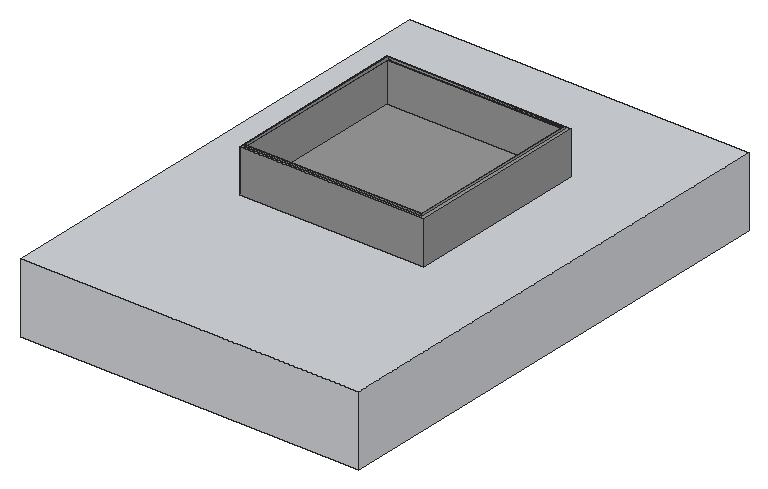
Revit family "Hager-Univers-IP30-D205-H800-Cl.II-Encl-CH-de", category Equipement électrique, Revit 2020
Family settings
  Hôte = Face
  Configuration du panneau = Deux colonnes, circuits au sein
  Cote de connecteur circulaire = Utiliser le diamètre
  Type d'élément = Tableau de raccordement
  Couper avec des vides une fois chargée = Non
  Partagée = Non
  Point de calcul de pièce = Non
Parameters (values of type "Aufputz IP30 B800 H800 T205  - FP53Q1S")
  Width Control [instance] = if([EF000008 - Breite] > Min Width, [EF000008 - Breite], Min Width)  # 800 mm
  Commentaires du type = [HG000003 - Bereich]  # "Univers"
  Thickness Door [instance] = if([EF009171 - Materialstärke Tür/Deckel] > 3 mm, 3 mm, [EF009171 - Materialstärke Tür/Deckel])  # 1 mm
  Seal Frame Offset [instance] = 17 mm  # constant formula
  Plinth Visibility [instance] = [HG000027 - Sockelhöhe] > 0 mm  # no
  Model = ""
  Min Width [instance] = 100 mm  # constant formula
  Min Height [instance] = 100 mm  # constant formula
  Min Depth [instance] = (2 * [EF009170 - Materialstärke Gehäuse]) + 1 mm  # 3 mm
  Internal Frame Depth [instance] = (Door System Depth * 0.5)  # 9 mm
  Height Control [instance] = if([EF000040 - Höhe] > Min Height, [EF000040 - Höhe], Min Height)  # 800 mm
  HG000027 - Sockelhöhe = 0 mm
  HG000026 - Stehend auf dem Boden = no
  HG000024 - Höhe des unteren Teils = 800 mm
  HG000023 - Gehäuse mit doppeltem Querschnitt = no
  HG000016 - 3D-Türsichtbarkeit [instance] = yes
  HG000015 - Sichtbarkeit der Türöffnung [instance] = no
  HG000014 - Tür rechts [instance] = yes
  HG000013 - Tür links [instance] = not([HG000014 - Tür rechts])  # no
  HG000012 - Türschwenkwinkel [instance] = 30.00°
  HG000010 - Asymmetrische Türen = no
  HG000009 - Doppelflügeligen Tür = no
  HG000006 - Unterputz = no
  HG000004 - Herstellerreferenz = "FP53Q1S"
  HG000003 - Bereich = "Univers"
  HG000002 - Mit tür = no
  Frame Offset Bottom [instance] = 10 mm  # constant formula
  Frame Offset [instance] = 15 mm  # constant formula
  EF015940 - Deckel mit Überdruckentlastung = no
  EF011959 - Schutzart (NEMA) = ""
  EF009554 - Anzahl der Öffnungen für Flanschplatten = 6
  Fabricant = "Hager"  # constant formula
  EF009212 - Ausführung Deckel = "EV009916 - mit Ausschnitt"
  EF009171 - Materialstärke Tür/Deckel = 1 mm
  EF009170 - Materialstärke Gehäuse = 1 mm
  EF008873 - Nennstrom (In) = 250 A
  EF007800 - Geeignet für Blitzschutz = no
  EF006306 - Mit Schloss = no
  EF006244 - Transparenter Deckel/Tür = no
  EF005474 - Schutzart (IP) = "EV006410 - IP30"
  EF004464 - Art der Tür = "EV000494 - ohne"
  EF004427 - Anzahl der Module = 180
  EF004293 - Schlagfestigkeit = "EV006813 - IK07"
  EF003532 - Geeignet für Außengebrauch = no
  EF002950 - Breite in Teilungseinheiten = 36
  EF001613 - Funktionserhalt = "EV000494 - ohne"
  EF001596 - Werkstoff des Gehäuses = "EV000179 - Stahl"
  EF001131 - Innentiefe = 130 mm
  EF001088 - Anbaumöglichkeit = yes
  EF000437 - Anzahl der Leitungseinführungen = 6
  EF000339 - Art der Abdeckung = "EV000494 - ohne"
  EF000266 - Anzahl der Reihen = 5
  EF000218 - Einbautiefe = 0 mm
  EF000118 - Mit Montageplatte = no
  EF000116 - RAL-Nummer = "9010"
  EF000049 - Tiefe = 205 mm
  EF000040 - Höhe = 800 mm
  EF000008 - Breite = 800 mm
  EF000007 - Farbe = "EV000202 - weiß"
  EF000003 - Montageart = "EV000384 - Aufputz"
  Door System Leaf Tolerance [instance] = 1.5 mm  # constant formula
  Door System Depth [instance] = 18 mm  # constant formula
  Door Height [instance] = Height Control - [HG000027 - Sockelhöhe]  # 800 mm
  Depth Control [instance] = if([EF000049 - Tiefe] > Min Depth, [EF000049 - Tiefe], Min Depth)  # 205 mm
  Default Elevation = 0 mm
  Connector Offset [instance] = Height Control / 2  # 400 mm
  Bottom Top Plate Trim [instance] = 1.5 mm  # constant formula
  Plinth height Ctrl [instance] = if([HG000027 - Sockelhöhe] > 0 mm, [HG000027 - Sockelhöhe], 12 mm)  # 12 mm
Types (5, lengths in mm): name | Width Control | HG000004 - Herstellerreferenz | EF009554 - Anzahl der Öffnungen für Flanschplatten | EF004427 - Anzahl der Module | EF002950 - Breite in Teilungseinheiten | EF000437 - Anzahl der Leitungseinführungen | EF000008 - Breite
  Aufputz IP30 B1050 H800 T205  - FP54Q1S | 1050 | "FP54Q1S" | 8 | 240 | 48 | 8 | 1050
  Aufputz IP30 B1300 H800 T205  - FP55Q1S | 1300 | "FP55Q1S" | 10 | 300 | 60 | 10 | 1300
  Aufputz IP30 B300 H800 T205  - FP51Q1S | 300 | "FP51Q1S" | 2 | 60 | 12 | 2 | 300
  Aufputz IP30 B550 H800 T205  - FP52Q1S | 550 | "FP52Q1S" | 4 | 120 | 24 | 4 | 550
  Aufputz IP30 B800 H800 T205  - FP53Q1S | 800 | "FP53Q1S" | 6 | 180 | 36 | 6 | 800
Reference planes
  plane 1 "Center (Front/Back)": y = 0
  plane 2: z = 0
  plane 3 "Center (Left/Right)": x = 0
  plane 4: z = 205
  plane 5: y = 1
  plane 6: y = 400
  plane 7: y = 0
  plane 8: y = 800
  plane 9: z = 0
  plane 10: x = -385
  plane 11: x = 385
  plane 12: x = 384
  plane 13: x = -384
  plane 14: y = 799
  plane 15: x = -383
  plane 16: x = -400
  plane 17: x = 383
  plane 18: x = 400
  plane 19: x = 399
  plane 20: x = -399
  plane 21: y = 11
  plane 22: y = 800
  plane 23: y = 784
  plane 24: z = 187
  plane 25: z = 1
  plane 26: z = 186
  plane 27: z = 204
Forms (mm)
  Extrusion 1, solid
    sketch origin (0, 0, 0) x (1, 0, 0) y (0, 1, 0)
      loop
        line (-702.964, 1305) -> (-702.964, -811.445) -> (766.763, -811.445) -> (766.763, 1305) -> (-702.964, 1305)
    from 0 to -304.8
  Extrusion 2, solid, material "Hager_Steel_RAL7035_Light_Grey", visible <- "Plinth Visibility", detail levels medium+fine
    sketch origin (0, 0, 0) x (1, 0, 0) y (0, 1, 0)
      loop
        line (-400, 0) -> (400, 0) -> (400, 12) -> (-400, 12) -> (-400, 0)
    from 0 to 187
  Extrusion 3, solid, material "Hager_Steel_RAL7035_Light_Grey", detail levels medium+fine
    sketch origin (0, 0, 0) x (1, 0, 0) y (0, 1, 0)
      loop
        line (-400, 0) -> (400, 0) -> (400, 800) -> (-400, 800) -> (-400, 0)
    from 0 to 187
  Extrusion 4, void
    sketch origin (0, 0, 0) x (1, 0, 0) y (0, 1, 0)
      loop
        line (-399, 1) -> (399, 1) -> (399, 799) -> (-399, 799) -> (-399, 1)
    from 1 to 186
  Extrusion 5, void
    sketch origin (-381.607, -4572, 187) x (0, -1, 0) y (-1, 0, 0)
      loop
        line (-4583, 2.393) -> (-5356, 2.393) -> (-5356, -765.607) -> (-4583, -765.607) -> (-4583, 2.393)
    from 0 to 1 <- "EF009170 - Materialstärke Gehäuse"
  Extrusion 6, solid, material "Hager_Steel_RAL7035_Light_Grey", detail levels fine
    sketch origin (0, 0, 187) x (1, 0, 0) y (0, 1, 0)
      loop
        line (-384, 784) -> (-384, 11) -> (384, 11) -> (384, 784) -> (-384, 784)
      loop
        line (-385, 10) -> (385, 10) -> (385, 785) -> (-385, 785) -> (-385, 10)
    from 0 to 9 <- "Internal Frame Depth"
  Extrusion 7, solid, material "Hager_Steel_RAL7035_Light_Grey", detail levels coarse
    sketch origin (0, 0, 0) x (1, 0, 0) y (0, 1, 0)
      loop
        line (-400, 0) -> (400, 0) -> (400, 800) -> (-400, 800) -> (-400, 0)
    from 0 to 205
  Sweep 8, void
    path in 3D
      loop
        line (-400, 12, 0) -> (400, 12, 0) -> (400, 12, 187) -> (-400, 12, 187) -> (-400, 12, 0)
    profile origin (-400, 12, 93.5) x (-1, 0, 0) y (0, -1, 0)
      loop
        line (0, 0) -> (0, 1.5) -> (-1.5, 1.5)
        arc (-1.5, 1.5) -> (-1.061, 0.439) -> (0, 0) r 1.5
Cuts and joins
  Extrusion 4, Extrusion 5 cuts Extrusion 3
  Sweep 8 cuts Extrusion 2
Lines and regions (mm)
  Masking region 1
    outline origin (0, 0, 0) x (1, 0, 0) y (0, 0, 1)
      loop
        line (-400, 205) -> (-400, 0) -> (400, 0) -> (400, 205) -> (-400, 205)
  Masking region 2, detail levels medium+fine
    outline origin (0, 140, 0) x (0, 1, 0) y (0, 0, 1)
      loop
        line (-140, 0) -> (660, 0) -> (660, 187) -> (-140, 187) -> (-140, 0)
  Masking region 3, not visible, detail levels medium+fine
    outline origin (0, 297.922, 0) x (0, 1, 0) y (0, 0, 1)
      loop
        line (113.578, 0) -> (153.578, 0) -> (153.578, 194)
        arc (153.578, 194) -> (150.649, 201.071) -> (143.578, 204) r 10
        line (143.578, 204) -> (113.578, 204) -> (113.578, 0)
  Masking region 4, detail levels coarse
    outline origin (0, 0, 180) x (0, 1, 0) y (0, 0, 1)
      loop
        line (0, -180) -> (800, -180) -> (800, 25) -> (0, 25) -> (0, -180)
  Masking region 5, visible <- "Plinth Visibility", detail levels medium+fine
    outline origin (0, 52.24, 12.345) x (0, 0, -1) y (0, 1, 0)
      loop
        line (10.845, -40.24) -> (-173.155, -40.24)
        arc (-173.155, -40.24) -> (-173.594, -41.301) -> (-174.655, -41.74) r 1.5
        line (-174.655, -41.74) -> (-174.655, -52.24) -> (12.345, -52.24) -> (12.345, -41.74)
        arc (12.345, -41.74) -> (11.285, -41.301) -> (10.845, -40.24) r 1.5
  Masking region 6, detail levels medium+fine
    outline origin (-381.607, -4572, 187) x (-1, 0, 0) y (0, -1, 0)
      loop
        line (18.393, -5372) -> (18.393, -4572) -> (-781.607, -4572) -> (-781.607, -5372) -> (18.393, -5372)
  Masking region 7, visible <- "Plinth Visibility", detail levels medium+fine
    outline origin (-381.607, -4727, 187) x (-1, 0, 0) y (0, -1, 0)
      loop
        arc (16.893, -4739) -> (17.332, -4737.939) -> (18.393, -4737.5) r 1.5
        line (18.393, -4737.5) -> (18.393, -4727) -> (-781.607, -4727) -> (-781.607, -4737.5)
        arc (-781.607, -4737.5) -> (-780.546, -4737.939) -> (-780.107, -4739) r 1.5
        line (-780.107, -4739) -> (16.893, -4739)
  Masking region 8, detail levels coarse
    outline origin (-442.548, -4669.526, 187) x (-1, 0, 0) y (0, -1, 0)
      loop
        line (-42.548, -5469.526) -> (-42.548, -4669.526) -> (-842.548, -4669.526) -> (-842.548, -5469.526) -> (-42.548, -5469.526)
  sketch lines
    curve 1: line (-400, 12, 187) -> (-400, 12, 0)
    curve 2: line (400, 12, 187) -> (-400, 12, 187)
    curve 3: line (400, 12, 187) -> (400, 12, 0)
    curve 4: line (-400, 12, 0) -> (400, 12, 0)
Dimensions and locks
  "Depth Control": plane 4 to Extrusion 1
  "HG000027 - Sockelhöhe": plane 1 "Center (Front/Back)" to plane 7
  "EF009170 - Materialstärke Gehäuse": plane 5 to plane 7
  locked: connector elem to plane 3 "Center (Left/Right)"
  equal spacing: plane 8, plane 6, plane 7
  locked: connector elem to plane 6
  "EF009170 - Materialstärke Gehäuse": plane 8 to plane 14
  "EF009170 - Materialstärke Gehäuse": plane 10 to plane 13
  "EF009170 - Materialstärke Gehäuse": plane 12 to plane 11
  "Frame Offset": plane 20 to plane 13
  "Frame Offset": plane 12 to plane 19
  "EF009170 - Materialstärke Gehäuse": plane 16 to plane 20
  "EF009170 - Materialstärke Gehäuse": plane 19 to plane 18
  "Seal Frame Offset": plane 16 to plane 15
  "Seal Frame Offset": plane 17 to plane 18
  "Frame Offset Bottom": plane 21 to plane 5
  "Frame Offset": plane 14 to plane 23
  equal spacing: plane 16, plane 3 "Center (Left/Right)", plane 18
  "Width Control": plane 16 to plane 18
  "EF009170 - Materialstärke Gehäuse": plane 4 to plane 27
  "EF009170 - Materialstärke Gehäuse": plane 24 to plane 26
  "EF009170 - Materialstärke Gehäuse": plane 25 to level
  "Door System Depth": plane 4 to plane 24
  "Height Control": plane 1 "Center (Front/Back)" to Extrusion 7 sketch curve
  "Height Control": Masking region 4 sketch curve to plane 1 "Center (Front/Back)"
  "Height Control": plane 1 "Center (Front/Back)" to plane 22
  "Bottom Top Plate Trim": profile plane to Sweep 8 sketch curve
  "Bottom Top Plate Trim": Sweep 8 sketch curve to profile plane
  "Plinth height Ctrl": plane 1 "Center (Front/Back)" to Extrusion 2 sketch curve
  "Plinth height Ctrl": Masking region 5 sketch curve to plane 1 "Center (Front/Back)"
  "Plinth height Ctrl": plane 1 "Center (Front/Back)" to Masking region 7 sketch curve
  "Thickness Door": Extrusion 6 sketch curve to Extrusion 6 sketch curve  (x3)
  "Thickness Door": cut or joined group of Extrusion 3, Extrusion 4, Extrusion 5 to Extrusion 6 sketch curve
  radius of Masking region 3 sketch curve = 10 mm
  "Bottom Top Plate Trim": radius of Masking region 5 sketch curve  (x2)
  "Bottom Top Plate Trim": radius of Sweep 8 sketch curve
  "Bottom Top Plate Trim": radius of Masking region 7 sketch curve  (x2)
  aligned and locked: plane 2 to Extrusion 1
  aligned and locked: level to Extrusion 1
  aligned and locked: level to Masking region 1 sketch curve
  aligned and locked: Masking region 1 sketch curve to plane 18
  aligned and locked: Masking region 1 sketch curve to plane 16
  aligned and locked: plane 7 to Masking region 2 sketch curve
  aligned and locked: level to Masking region 3 sketch curve
  aligned and locked: Masking region 3 sketch curve to plane 27
  aligned and locked: level to Masking region 2 sketch curve
  aligned and locked: plane 1 "Center (Front/Back)" to Extrusion 2 sketch curve
  aligned and locked: Extrusion 3 sketch curve to plane 7
  aligned and locked: plane 16 to Extrusion 3 sketch curve
  aligned and locked: plane 18 to Extrusion 3 sketch curve
  aligned and locked: plane 20 to Extrusion 4 sketch curve
  aligned and locked: plane 19 to Extrusion 4 sketch curve
  aligned and locked: Extrusion 4 sketch curve to plane 5
  aligned and locked: Extrusion 4 to plane 25
  aligned and locked: plane 26 to Extrusion 4
  aligned and locked: plane 24 to Extrusion 3
  aligned and locked: Extrusion 5 sketch curve to plane 21
  aligned and locked: Extrusion 5 sketch curve to plane 13
  aligned and locked: Extrusion 5 sketch curve to plane 12
  aligned and locked: plane 18 to Extrusion 7 sketch curve
  aligned and locked: plane 1 "Center (Front/Back)" to Extrusion 7 sketch curve
  aligned and locked: plane 16 to Extrusion 7 sketch curve
  aligned and locked: plane 4 to Extrusion 7
  aligned and locked: Extrusion 7 to level
  aligned and locked: level to Masking region 4 sketch curve
  aligned and locked: Masking region 4 sketch curve to plane 1 "Center (Front/Back)"
  aligned and locked: Masking region 4 sketch curve to plane 4
  aligned and locked: nested 1 to level
  aligned and locked: nested 1 to plane 16
  aligned and locked: plane 8 to Extrusion 3 sketch curve
  aligned and locked: plane 23 to Extrusion 5 sketch curve
  aligned and locked: plane 14 to Extrusion 4 sketch curve
  aligned and locked: Masking region 2 sketch curve to plane 8
  aligned and locked: level to Masking region 5 sketch curve
  aligned and locked: plane 16 to Extrusion 2 sketch curve
  aligned and locked: plane 18 to Extrusion 2 sketch curve
  aligned and locked: Masking region 5 sketch curve to plane 24
  aligned and locked: Masking region 2 sketch curve to plane 24
  aligned and locked: plane 24 to Extrusion 2
  aligned and locked: profile plane to Sweep 8 sketch curve  (x2)
  aligned and locked: Masking region 6 sketch curve to plane 18
  aligned and locked: Masking region 6 sketch curve to plane 22
  aligned and locked: Masking region 6 sketch curve to plane 16
  aligned and locked: plane 8 to plane 22
  aligned and locked: Masking region 6 sketch curve to plane 7
  aligned and locked: Masking region 7 sketch curve to plane 16
  aligned and locked: Masking region 7 sketch curve to plane 1 "Center (Front/Back)"
  aligned and locked: Masking region 7 sketch curve to plane 18
  aligned and locked: Masking region 8 sketch curve to plane 1 "Center (Front/Back)"
  aligned and locked: Masking region 8 sketch curve to plane 18
  aligned and locked: Masking region 8 sketch curve to plane 22
  aligned and locked: Masking region 8 sketch curve to plane 16
  aligned and locked: nested 2 to plane 7
  aligned and locked: plane 3 "Center (Left/Right)" to nested 2
  aligned and locked: nested 2 to plane 24
  aligned and locked: Extrusion 6 sketch curve to cut or joined group of Extrusion 3, Extrusion 4, Extrusion 5  (x4)
Automatic sketch dimensions
  Extrusion 1 sketch curve to Extrusion 1 sketch curve = 1469.727 mm
  Extrusion 1 sketch curve to Extrusion 1 sketch curve = 2116.445 mm
  Masking region 1 sketch curve to plane 4 = 0 mm
  plane 6 to Masking region 3 sketch curve = 11.5 mm
  Masking region 3 sketch curve to Masking region 3 sketch curve = 30 mm
  Masking region 5 sketch curve to plane 1 "Center (Front/Back)" = 0 mm
Nested families
  nested 1: "Hager_Enclosure_Symbol" at (-400, 0, 0) x (1, 0, 0) z (0, -1, 0), Height <- "Depth Control", Width <- "Width Control", type "Hager_Enclosure_Symbol"
    with Width_Ctrl 800 mm, Width 800 mm, Height_Ctrl 205 mm, Height 205 mm, A_Width_Int 13.453 mm, A_Width 161.438 mm, A_Height_Ctrl 179.375 mm, A_Height 179.375 mm
  nested 2: "EC000058_Univers_Door" at (0, 0, 187) x (1, 0, 0) z (0, 1, 0), Leaf_Tolerance <- "Door System Leaf Tolerance", Angle <- "HG000012 - Türschwenkwinkel", Door_Depth <- "Door System Depth", Door_Left <- "HG000013 - Tür links", Transparent <- "EF006244 - Transparenter Deckel/Tür", Assymetrical <- "HG000010 - Asymmetrische Türen", Width <- "Width Control", Clearance <- "HG000015 - Sichtbarkeit der Türöffnung", Double <- "HG000009 - Doppelflügeligen Tür", 3d_Door <- "HG000016 - 3D-Türsichtbarkeit", Lock_Visibility <- "EF006306 - Mit Schloss", Width_Ctrl <- "Width Control", Door_Right <- "HG000014 - Tür rechts", Door <- "HG000002 - Mit tür", Height <- "Door Height", Thickness <- "Thickness Door", type "EC000058_Univers_Door", detail levels medium+fine
    with min_wh 3 mm, Width_Ctrl 800 mm, Width 800 mm, Transparent no, Thickness 1 mm, Seal_Material Hager_Rubber, Lock_Visibility no, Lock_Material Hager_Plastic_RAL9005_Jet_Black, Leaf_Width 800 mm, Leaf_Tolerance_External_Sides 0 mm, Leaf_Tolerance 1.5 mm, Leaf_Offset 0 mm, Leaf_Height 797 mm, Leaf_2_Width 800 mm, Leaf_2_Offset 400 mm, Leaf_1_Width 800 mm, Leaf_1_Offset 400 mm, Height_Ctrl 800 mm, Height 800 mm, Glass_Material Hager_Glass, Double_Clearance_Ctrl no, Double no, Door_Right_Ctrl no, Door_Right yes, Door_Material Hager_Steel_RAL7035_Light_Grey, Door_Left_Ctrl no, Door_Left no, Door_Depth 18 mm, Door no, Clearance_Material Hager_Clearance, Clearance_Depth 800 mm, Clearance_Ctrl no, Clearance no, Assymetrical no, Angle 30.00°, 3d_Door yes
Connectors
  electrical at (0, 400, 0)
    settings: on plane 9, index 1, voltage 0 V, apparent load 0 VA, apparent load phase1 0 VA, apparent load phase2 0 VA, apparent load phase3 0 VA, power factor 1, load classification "Other", number of poles 1, system type 30, power factor state 1, is connector primary yes, connector utility no, sub classification motor no, connector description ""
Definition of nested family "Hager_Enclosure_Symbol"
  Parameters (values of type "Hager_Enclosure_Symbol")
    Width_Ctrl [instance] = if(Width > 1 mm, Width, 1 mm)  # 102.27 mm
    Width [instance] = 102.27 mm
    Height_Ctrl [instance] = if(Height > 1 mm, Height, 1 mm)  # 66.5 mm
    A_Width_Int [instance] = if(A_Width / 12 > 2 mm, A_Width / 12, 2 mm)  # 4.364 mm
    A_Width [instance] = if(A_Height_Ctrl * 0.9 > 2 mm, A_Height_Ctrl * 0.9, 2 mm)  # 52.369 mm
    A_Height_Ctrl [instance] = if(A_Height > 2 mm, A_Height, 2 mm)  # 58.188 mm
    Height [instance] = 66.5 mm
    A_Height [instance] = Height - (Height / 8)  # 58.188 mm
  Reference planes
    plane 1 "Centre (avant/arrière)": y = 0
    plane 2: z = 0
    plane 3 "Centre (gauche/droite)": x = 0
    plane 4: x = 52.369
    plane 5: y = 33.042
    plane 6: y = 41.77
    plane 7: y = 66.5
    plane 8: x = 26.184
    plane 9: y = 37.406
    plane 10: x = 102.27
    plane 11: y = 66.5
    plane 12: y = 8.313
  Lines and regions (mm)
    Filled region 1, type "Solid_Black", in view "Niveau de réf."
      outline origin (0, 0, 0) x (1, 0, 0) y (0, 1, 0)
        loop
          line (52.369, 66.5) -> (33.188, 54.536) -> (45.365, 45.006) -> (52.369, 66.5)
    Filled region 2, type "Solid_Black", in view "Niveau de réf."
      outline origin (0, 0, 0) x (1, 0, 0) y (0, 1, 0)
        loop
          line (0, 0) -> (102.27, 0) -> (102.27, 66.5) -> (0, 0)
    detail lines, in view "Niveau de réf."
      curve 1: line (0, 8.313, 0) -> (26.184, 41.77, 0)
      curve 2: line (26.184, 41.77, 0) -> (26.184, 33.042, 0)
      curve 3: line (26.184, 33.042, 0) -> (52.369, 66.5, 0)
  Dimensions and locks
    "A_Width": plane 3 "Centre (gauche/droite)" to plane 4
    equal spacing: plane 3 "Centre (gauche/droite)", plane 8, plane 4
    equal spacing: plane 6, plane 9, plane 5
    equal spacing: curve 3, Filled region 1 sketch curve, Filled region 1 sketch curve
    "Height_Ctrl": plane 1 "Centre (avant/arrière)" to plane 11
    "A_Height_Ctrl": plane 11 to plane 12
    equal spacing: plane 11, plane 9, plane 12
    "A_Width_Int": plane 6 to plane 9
    "Width_Ctrl": plane 3 "Centre (gauche/droite)" to plane 10
    angle Filled region 1 sketch curve to curve 3 = 20.00°
    angle curve 3 to Filled region 1 sketch curve = 20.00°
    locked: curve 3 to Filled region 1 sketch curve (angle 90.00°)
    aligned and locked: plane 10 to Filled region 2
    aligned and locked: plane 11 to Filled region 2 sketch curve
    aligned and locked: plane 10 to Filled region 2 sketch curve
    aligned and locked: plane 3 "Centre (gauche/droite)" to curve 1
    aligned and locked: plane 12 to curve 1
    aligned and locked: plane 7 to plane 11
  Automatic sketch dimensions
    Filled region 1 sketch curve to plane 4 = 0 mm
    Filled region 1 sketch curve to plane 7 = 0 mm
    plane 1 "Centre (avant/arrière)" to Filled region 2 sketch curve = 0 mm
    Filled region 2 sketch curve to plane 3 "Centre (gauche/droite)" = 0 mm
    curve 2 to plane 6 = 0 mm
    curve 2 to plane 8 = 0 mm
    curve 3 to plane 4 = 0 mm
    curve 2 to plane 5 = 0 mm
    curve 3 to plane 7 = 0 mm
Definition of nested family "EC000058_Univers_Door"
  Parameters (values of type "EC000058_Univers_Door")
    min_wh [instance] = (2 * Thickness) + 1 mm  # 11 mm
    Width_Ctrl [instance] = 400 mm
    Width [instance] = 500 mm
    Transparent [instance] = yes
    Thickness [instance] = 5 mm
    Seal_Material [instance] = none
    Lock_Visibility [instance] = yes
    Lock_Material [instance] = none
    Leaf_Width [instance] = if((Width_Ctrl - 2 * Leaf_Tolerance_External_Sides) > 0 mm, (Width_Ctrl - 2 * Leaf_Tolerance_External_Sides), min_wh)  # 400 mm
    Leaf_Tolerance_External_Sides [instance] = 0 mm  # constant formula
    Leaf_Tolerance [instance] = 1.5 mm
    Leaf_Offset [instance] = 0 mm  # constant formula
    Leaf_Height [instance] = if((Height_Ctrl - 2 * Leaf_Tolerance) > 0 mm, (Height_Ctrl - 2 * Leaf_Tolerance), min_wh)  # 497 mm
    Leaf_2_Width [instance] = if(and(and(Double, Assymetrical), Door_Left), (Leaf_Width / 3) - (Leaf_Tolerance / 2), if(and(and(Double, Assymetrical), Door_Right), (Leaf_Width / 3) * 2 - (Leaf_Tolerance / 2), if(and(Double, not(Assymetrical)), (Leaf_Width / 2) - Leaf_Tolerance, Leaf_Width)))  # 400 mm
    Leaf_2_Offset [instance] = if(and(Double, Assymetrical), Leaf_2_Width / 2, if(and(Double, not(Assymetrical)), Leaf_Width / 4, Leaf_Width / 2))  # 200 mm
    Leaf_1_Width [instance] = if(and(and(Double, Assymetrical), Door_Right), (Leaf_Width / 3) - (Leaf_Tolerance / 2), if(and(and(Double, Assymetrical), Door_Left), (Width / 3) * 2 - (Leaf_Tolerance / 2), if(and(Double, not(Assymetrical)), (Leaf_Width / 2) - Leaf_Tolerance, Leaf_Width)))  # 400 mm
    Leaf_1_Offset [instance] = if(and(Double, Assymetrical), Leaf_1_Width / 2, if(and(Double, not(Assymetrical)), Leaf_Width / 4, Leaf_Width / 2))  # 200 mm
    Height_Ctrl [instance] = if(Height > min_wh, Height, min_wh)  # 500 mm
    Height [instance] = 500 mm
    Glass_Material [instance] = none
    Double_Clearance_Ctrl [instance] = and(Double, Clearance)  # no
    Double [instance] = no
    Door_Right_Ctrl [instance] = and(or(Door_Right, Double), Door)  # yes
    Door_Right [instance] = yes
    Door_Material [instance] = none
    Door_Left_Ctrl [instance] = and(or(Door_Left, Double), Door)  # no
    Door_Left [instance] = no
    Door_Depth [instance] = 30 mm
    Door [instance] = yes
    Default Elevation = 1219.2 mm
    Clearance_Material [instance] = none
    Clearance_Depth [instance] = if(Leaf_1_Width > Leaf_2_Width, Leaf_1_Width, Leaf_2_Width)  # 400 mm
    Clearance_Ctrl [instance] = and(not(Double), Clearance)  # yes
    Clearance [instance] = yes
    Assymetrical [instance] = yes
    Angle [instance] = 30.00°
    3d_Door [instance] = yes
  Reference planes
    plane 1 "Center (Front/Back)": y = 0
    plane 2 "Bottom": z = 0
    plane 3 "Center (Left/Right)": x = 0
    plane 4: z = 500
    plane 5: x = -200
    plane 6: x = 200
    plane 7: z = 500
    plane 8: x = -200
    plane 9: z = 0
    plane 10: x = 200
    plane 11: y = 0
    plane 12: z = 1.5
    plane 13: x = -600
    plane 14: y = -400
    plane 15: x = 600
    plane 16: x = 0
    plane 17: x = 0
    plane 18: x = -200
    plane 19: x = 200
    plane 20: z = 498.5
  Forms (mm)
    Extrusion 1, solid, material <- "Clearance_Material", visible <- "Double_Clearance_Ctrl"
      sketch origin (1200, 0, 0) x (1, 0, 0) y (0, 0, -1)
        loop
          line (-1800, -498.5) -> (-600, -498.5) -> (-600, 0) -> (-1800, 0) -> (-1800, -498.5)
      from 0 to -400
  Dimensions and locks
    equal spacing: plane 5, plane 3 "Center (Left/Right)", plane 6
    "Width_Ctrl": plane 5 to plane 6
    "Leaf_Offset": plane 5 to plane 8
    "Leaf_Offset": plane 6 to plane 10
    "Leaf_Offset": plane 9 to level
    "Leaf_Offset": plane 4 to plane 7
    "Height_Ctrl": plane 4 to level
    "Leaf_Tolerance": plane 12 to plane 9
    locked: plane 11 to plane 1 "Center (Front/Back)"
    "Leaf_1_Offset": plane 18 to plane 16
    "Leaf_2_Offset": plane 17 to plane 19
    "Leaf_1_Width": plane 13 to plane 8
    "Leaf_2_Width": plane 10 to plane 15
    "Clearance_Depth": plane 14 to plane 1 "Center (Front/Back)"
    "Leaf_Tolerance_External_Sides": plane 8 to plane 18
    "Leaf_Tolerance_External_Sides": plane 19 to plane 10
    "Leaf_Tolerance": plane 7 to plane 20
    aligned and locked: level to plane 2 "Bottom"
    aligned and locked: nested 1 to plane 16
    aligned and locked: nested 2 to plane 17
    aligned and locked: Extrusion 1 to plane 13
    aligned and locked: plane 15 to Extrusion 1
    aligned and locked: Extrusion 1 to plane 14
    aligned and locked: plane 12 to nested 1
    aligned and locked: nested 2 to plane 12
    aligned and locked: Extrusion 1 to plane 11
    aligned and locked: plane 20 to Extrusion 1
    aligned and locked: nested 2 to plane 11
    aligned and locked: nested 1 to plane 11
  Automatic sketch dimensions
    Extrusion 1 sketch curve to level = 0 mm
    plane 5 to Extrusion 1 sketch curve = 400 mm
    plane 6 to Extrusion 1 sketch curve = 400 mm
    Extrusion 1 sketch curve to plane 4 = 1.5 mm
  Nested families
    nested 1: "EC000058_Univers_Door_Leaf" at (0, 0, 1.5), Width <- "Leaf_1_Width", visible <- "Door_Left_Ctrl", Leaf_Height <- "Leaf_Height", Angle <- "Angle", 3d_Door <- "3d_Door", Transparent <- "Transparent", Clearance Material <- "Clearance_Material", Clearance <- "Clearance_Ctrl", Door_Material <- "Door_Material", Glass_Material <- "Glass_Material", Door_Depth <- "Door_Depth", Lock_Material <- "Lock_Material", Seal_Material <- "Seal_Material", Lock_Visibility <- "Lock_Visibility", Thickness <- "Thickness", type "EC000058_Univers_Door_Leaf"
      with Width 400 mm, Transparent_Glass_Offset 30 mm, Transparent_Ctrl yes, Transparent yes, Thickness 5 mm, Standard no, Seal_Material none, Seal_D2 8 mm, Seal_D1 1 mm, Offset_Internal_Frame 10 mm, Lock_Width 20 mm, Lock_Visibility_3d yes, Lock_Visibility yes, Lock_Thickness_3 3 mm, Lock_Thickness_2 1 mm, Lock_Thickness_1 3 mm, Lock_Radius_Offset_2 16 mm, Lock_Radius_Offset_1 15 mm, Lock_Radius_2 5 mm, Lock_Radius 6 mm, Lock_Offset 5 mm, Lock_Material none, Lock_Height 80 mm, Lock_Cover_Top_Offset_2d 17 mm, Lock_Cover_Height -65 mm, Leaf_Height 497 mm, Internal_Seal_Thickness 8 mm, Internal_Seal_Depth_2 4.5 mm, Internal_Frame_Depth 25 mm, Glass_Thickness -1 mm, Glass_Offset -2 mm, Glass_Material none, Door_Material none, Door_Depth 30 mm, Clearance Material none, Clearance yes, Angle_Ctrl 30.00°, Angle 30.00°, 3d_Door yes
    nested 2: "EC000058_Univers_Door_Leaf" at (0, 0, 1.5) x (-1, 0, 0) z (0, 0, 1), Width <- "Leaf_2_Width", visible <- "Door_Right_Ctrl", Leaf_Height <- "Leaf_Height", Angle <- "Angle", 3d_Door <- "3d_Door", Transparent <- "Transparent", Clearance Material <- "Clearance_Material", Clearance <- "Clearance_Ctrl", Door_Material <- "Door_Material", Glass_Material <- "Glass_Material", Door_Depth <- "Door_Depth", Lock_Material <- "Lock_Material", Seal_Material <- "Seal_Material", Lock_Visibility <- "Lock_Visibility", Thickness <- "Thickness", type "EC000058_Univers_Door_Leaf"
      with Width 400 mm, Transparent_Glass_Offset 30 mm, Transparent_Ctrl yes, Transparent yes, Thickness 5 mm, Standard no, Seal_Material none, Seal_D2 8 mm, Seal_D1 1 mm, Offset_Internal_Frame 10 mm, Lock_Width 20 mm, Lock_Visibility_3d yes, Lock_Visibility yes, Lock_Thickness_3 3 mm, Lock_Thickness_2 1 mm, Lock_Thickness_1 3 mm, Lock_Radius_Offset_2 16 mm, Lock_Radius_Offset_1 15 mm, Lock_Radius_2 5 mm, Lock_Radius 6 mm, Lock_Offset 5 mm, Lock_Material none, Lock_Height 80 mm, Lock_Cover_Top_Offset_2d 17 mm, Lock_Cover_Height -65 mm, Leaf_Height 497 mm, Internal_Seal_Thickness 8 mm, Internal_Seal_Depth_2 4.5 mm, Internal_Frame_Depth 25 mm, Glass_Thickness -1 mm, Glass_Offset -2 mm, Glass_Material none, Door_Material none, Door_Depth 30 mm, Clearance Material none, Clearance yes, Angle_Ctrl 30.00°, Angle 30.00°, 3d_Door yes
  Definition of nested family "EC000058_Univers_Door_Leaf"
    Parameters (values of type "EC000058_Univers_Door_Leaf")
      Width [instance] = 2000 mm
      Transparent_Glass_Offset [instance] = 30 mm
      Transparent_Ctrl [instance] = and(Transparent, [3d_Door])  # yes
      Transparent [instance] = yes
      Thickness [instance] = 5 mm
      Standard [instance] = and(not(Transparent), [3d_Door])  # no
      Seal_Material [instance] = none
      Seal_D2 [instance] = 8 mm  # constant formula
      Seal_D1 [instance] = 1 mm  # constant formula
      Offset_Internal_Frame [instance] = 10 mm  # constant formula
      Lock_Width [instance] = 20 mm  # constant formula
      Lock_Visibility_3d [instance] = and(Lock_Visibility, [3d_Door])  # yes
      Lock_Visibility [instance] = yes
      Lock_Thickness_3 [instance] = 3 mm  # constant formula
      Lock_Thickness_2 [instance] = 1 mm  # constant formula
      Lock_Thickness_1 [instance] = 3 mm  # constant formula
      Lock_Radius_Offset_2 [instance] = Lock_Radius_Offset_1 + 1 mm  # 16 mm
      Lock_Radius_Offset_1 [instance] = 15 mm  # constant formula
      Lock_Radius_2 [instance] = Lock_Radius - 1 mm  # 5 mm
      Lock_Radius [instance] = 6 mm  # constant formula
      Lock_Offset [instance] = 5 mm  # constant formula
      Lock_Material [instance] = none
      Lock_Height [instance] = 80 mm  # constant formula
      Lock_Cover_Top_Offset_2d [instance] = Lock_Radius_Offset_2 + 1 mm  # 17 mm
      Lock_Cover_Height [instance] = -(Lock_Height - Lock_Radius_Offset_1)  # -65 mm
      Leaf_Height [instance] = 2720.336 mm
      Internal_Seal_Thickness [instance] = 8 mm  # constant formula
      Internal_Seal_Depth_2 [instance] = 4.5 mm  # constant formula
      Internal_Frame_Depth [instance] = if(Door_Depth - Thickness > 5 mm, Door_Depth - Thickness, 5 mm)  # 25 mm
      Glass_Thickness [instance] = if(Thickness > 15 mm, Glass_Offset + 10 mm, -1 mm)  # -1 mm
      Glass_Offset [instance] = if(Thickness > 15 mm, -(Thickness + 10 mm) / 2, -2 mm)  # -2 mm
      Glass_Material [instance] = none
      Door_Material [instance] = none
      Door_Depth [instance] = 30 mm
      Default Elevation = 0 mm
      Clearance Material [instance] = none
      Clearance [instance] = yes
      Angle_Ctrl [instance] = if(Angle > 180.00°, 180.00°, Angle)  # 90.00°
      Angle [instance] = 90.00°
      3d_Door [instance] = yes
    Reference planes
      plane 1 "Center (Front/Back)": y = 0
      plane 2: z = 0
      plane 3 "Center (Left/Right)": x = 0
      plane 4: y = 2000
      plane 5: x = -1000
      plane 6: x = 1000
      plane 7: x = -3000
      plane 8: z = 2720.336
      plane 9: z = 30
      plane 10: z = 2690.336
      plane 11: x = 970
      plane 12: x = -970
      plane 13: y = -3
      plane 14: z = 107.833
      plane 15: y = -5
      plane 16: y = -223.314
      plane 17: x = -1000
      plane 18: z = 1360.168
      plane 19: y = 30
    Forms (mm)
      Extrusion 1, solid, material <- "Clearance Material", visible <- "Clearance"
        sketch origin (0, 0, 0) x (1, 0, 0) y (0, 0, 1)
          loop
            line (-3000, 2720.336) -> (-3000, 0) -> (1000, 0) -> (1000, 2720.336) -> (-3000, 2720.336)
        from 0 to -2000
      Extrusion 2, solid, material <- "Door_Material", visible <- "Standard", detail levels medium+fine
        sketch origin (-1000, 0, 0) x (0, 1, 0) y (-1, 0, 0)
          loop
            line (0, 30) -> (0, 25) -> (2000, 25) -> (2000, 30) -> (0, 30)
        from 0 to 2720.336 <- "Leaf_Height"
      Extrusion 3, solid, material <- "Door_Material", visible <- "Transparent_Ctrl", detail levels medium+fine
        sketch origin (-1000, 0, 0) x (0, 1, 0) y (-1, 0, 0)
          loop
            line (0, 25) -> (2000, 25) -> (2000, 30) -> (0, 30) -> (0, 25)
        from 0 to 2720.336 <- "Leaf_Height"
      Extrusion 4, void
        sketch origin (-1025, 2000, 0) x (0, 1, 0) y (0, 0, -1)
          loop
            line (-30, -2690.336) -> (-30, -30) -> (-1970, -30) -> (-1970, -2690.336) -> (-30, -2690.336)
        from 0 to 5 <- "Thickness"
      Sweep 5, solid, material <- "Seal_Material", visible <- "Transparent_Ctrl", detail levels fine
        path in 3D
          loop
            line (-1025, 30, 30) -> (-1025, 30, 2690.336) -> (-1025, 1970, 2690.336) -> (-1025, 1970, 30) -> (-1025, 30, 30)
        profile origin (-1025, 1000, 30) x (1, 0, 0) y (0, 0, 1)
          loop
            line (0, 0) -> (0, -8) -> (1, -8) -> (1, 0) -> (0, 0)
      Extrusion 6, solid, material <- "Glass_Material", visible <- "Transparent_Ctrl", detail levels medium+fine
        sketch origin (-1030, 0, 0) x (0, 1, 0) y (0, 0, -1)
          loop
            line (1970, -2690.336) -> (1970, -30) -> (30, -30) -> (30, -2690.336) -> (1970, -2690.336)
        from -2 <- "Glass_Offset" to -1 <- "Glass_Thickness"
      Extrusion 7, solid, material <- "Door_Material", visible <- "3d_Door", detail levels medium+fine
        sketch origin (-1025, 2000, 0) x (0, -1, 0) y (0, 0, -1)
          loop
            line (0, -2720.336) -> (2000, -2720.336) -> (2000, 0) -> (0, 0) -> (0, -2720.336)
          loop
            line (1995, -5) -> (5, -5) -> (5, -2715.336) -> (1995, -2715.336) -> (1995, -5)
        from 0 to 25 <- "Internal_Frame_Depth"
      Sweep 8, solid, material <- "Seal_Material", visible <- "Transparent_Ctrl", detail levels fine
        path in 3D
          loop
            line (-1025, 0, 0) -> (-1025, 2000, 0) -> (-1025, 2000, 2720.336) -> (-1025, 0, 2720.336) -> (-1025, 0, 0)
        profile origin (-1025, 0, 1360.168) x (1, 0, 0) y (0, 1, 0)
          loop
            line (0, 10) -> (2.975, 10)
            arc (2.975, 10) -> (4.053, 10.447) -> (4.5, 11.525) r 1.525
            line (4.5, 11.525) -> (4.5, 16.527)
            arc (4.5, 16.527) -> (4.069, 17.569) -> (3.027, 18) r 1.473
            line (3.027, 18) -> (0, 18) -> (0, 10)
      Extrusion 9, solid, material <- "Lock_Material", visible <- "Lock_Visibility_3d", detail levels fine
        sketch origin (-1030, 0, 0) x (0, 1, 0) y (0, 0, -1)
          loop
            arc (1993.5, -1400.168) -> (1994.561, -1399.729) -> (1995, -1398.668) r 1.5
            line (1995, -1398.668) -> (1995, -1320.168) -> (1975, -1320.168) -> (1975, -1398.668)
            arc (1975, -1398.668) -> (1975.439, -1399.729) -> (1976.5, -1400.168) r 1.5
            line (1976.5, -1400.168) -> (1993.5, -1400.168)
        from 3 <- "Lock_Thickness_1" to 0
      Blend 10, solid, material <- "Lock_Material", visible <- "Lock_Visibility_3d", detail levels fine
        base sketch origin (-1033, 0, 0) x (0, 1, 0) y (0, 0, -1)
          loop
            line (1975, -1320.168) -> (1975, -1398.668)
            arc (1975, -1398.668) -> (1975.439, -1399.729) -> (1976.5, -1400.168) r 1.5
            line (1976.5, -1400.168) -> (1993.5, -1400.168)
            arc (1993.5, -1400.168) -> (1994.561, -1399.729) -> (1995, -1398.668) r 1.5
            line (1995, -1398.668) -> (1995, -1320.168) -> (1975, -1320.168)
        top sketch origin (-1033, 0, 0) x (0, 1, 0) y (0, 0, -1)
          loop
            line (1976, -1320.168) -> (1976, -1398.668)
            arc (1976, -1398.668) -> (1976.146, -1399.022) -> (1976.5, -1399.168) r 0.5
            line (1976.5, -1399.168) -> (1993.5, -1399.168)
            arc (1993.5, -1399.168) -> (1993.854, -1399.022) -> (1994, -1398.668) r 0.5
            line (1994, -1398.668) -> (1994, -1320.168) -> (1976, -1320.168)
        from 0 to 1 <- "Lock_Thickness_2"
      Blend 11, solid, material <- "Lock_Material", visible <- "Lock_Visibility_3d", detail levels fine
        base sketch origin (-1034, 0, 0) x (0, 1, 0) y (0, 0, -1)
          loop
            line (1978, -1320.168) -> (1978, -1384.168)
            arc (1978, -1384.168) -> (1985, -1391.168) -> (1992, -1384.168) r 7
            line (1992, -1384.168) -> (1992, -1320.168) -> (1978, -1320.168)
        top sketch origin (-1034, 0, 0) x (0, 1, 0) y (0, 0, -1)
          loop
            line (1991, -1320.168) -> (1979, -1320.168) -> (1979, -1383.168)
            arc (1979, -1383.168) -> (1985, -1389.168) -> (1991, -1383.168) r 6
            line (1991, -1383.168) -> (1991, -1320.168)
        from 0 to 3 <- "Lock_Thickness_3"
      Extrusion 12, solid, material <- "Lock_Material", visible <- "Lock_Visibility_3d", detail levels fine
        sketch origin (-1030, 1975, 1320.168) x (1, 0, 0) y (0, -1, 0)
          loop
            line (-7, -19) -> (-7, -1) -> (0, -1) -> (0, 0) -> (-8, 0) -> (-8, -20) -> (0, -20) -> (0, -19) -> (-7, -19)
        from 0 to -65 <- "Lock_Cover_Height"
      Extrusion 13, void
        sketch origin (-1038, 1995, 1320.168) x (-1, 0, 0) y (0, 0, -1)
          loop
            line (-5, -65) -> (0, -65) -> (-5, -60) -> (-5, -65)
        from 0 to 20 <- "Lock_Width"
      Extrusion 14, void
        sketch origin (-1038, 1975, 1320.168) x (0, -1, 0) y (0, 0, -1)
          loop
            circle (-10, -15.995) r 6
          loop
            circle (-10, -15.995) r 5
        from 0 to 2
      Extrusion 15, solid, material <- "Lock_Material", visible <- "Lock_Visibility_3d", detail levels medium
        sketch origin (-1030, 0, 0) x (0, 1, 0) y (0, 0, -1)
          loop
            arc (1993.5, -1400.168) -> (1994.561, -1399.729) -> (1995, -1398.668) r 1.5
            line (1995, -1398.668) -> (1995, -1320.168) -> (1975, -1320.168) -> (1975, -1398.668)
            arc (1975, -1398.668) -> (1975.439, -1399.729) -> (1976.5, -1400.168) r 1.5
            line (1976.5, -1400.168) -> (1993.5, -1400.168)
        from 8 to 0
    Cuts and joins
      Extrusion 4 cuts Extrusion 3
      Extrusion 13, Extrusion 14 cuts Extrusion 9
      Extrusion 14 cuts Blend 11
      Extrusion 13, Extrusion 14 cuts Extrusion 12
      joined: Extrusion 9, Blend 10, Blend 11, Extrusion 12
      Extrusion 14 cuts Extrusion 15
    Lines and regions (mm)
      Masking region 1, visible <- "Lock_Visibility", detail levels fine
        outline origin (0, 0, 0) x (0, 1, 0) y (0, 0, 1)
          loop
            line (30, 1320.168) -> (33, 1320.168) -> (33, 1400.168) -> (30, 1400.168) -> (30, 1320.168)
      Masking region 2, visible <- "Lock_Visibility", detail levels fine
        outline origin (0, 3.143, 0) x (0, 1, 0) y (0, 0, 1)
          loop
            line (29.857, 1354.168) -> (30.857, 1354.168) -> (30.857, 1366.168) -> (29.857, 1366.168) -> (29.857, 1354.168)
      Masking region 3, detail levels medium+fine
        outline origin (0, 0, 0) x (0, 1, 0) y (0, 0, 1)
          loop
            line (0, 0) -> (30, 0) -> (30, 2720.336) -> (0, 2720.336) -> (0, 0)
      Masking region 4, detail levels medium+fine
        outline origin (0, 0, 0) x (1, 0, 0) y (0, 0, 1)
          loop
            line (-1000, 2720.336) -> (-1000, 0) -> (1000, 0) -> (1000, 2720.336) -> (-1000, 2720.336)
      Masking region 5, visible <- "Lock_Visibility", detail levels fine
        outline origin (-47.116, 0, 0) x (1, 0, 0) y (0, 0, 1)
          loop
            arc (1024.616, 1399.168) -> (1023.556, 1398.729) -> (1023.116, 1397.668) r 1.5
            line (1023.116, 1397.668) -> (1023.116, 1320.168) -> (1041.116, 1320.168) -> (1041.116, 1397.668)
            arc (1041.116, 1397.668) -> (1040.677, 1398.729) -> (1039.616, 1399.168) r 1.5
            line (1039.616, 1399.168) -> (1024.616, 1399.168)
      Masking region 6, visible <- "Lock_Visibility", detail levels medium+fine
        outline origin (-25, 0, 0) x (1, 0, 0) y (0, 0, 1)
          loop
            arc (1001.5, 1400.168) -> (1000.439, 1399.729) -> (1000, 1398.668) r 1.5
            line (1000, 1398.668) -> (1000, 1320.168) -> (1020, 1320.168) -> (1020, 1398.668)
            arc (1020, 1398.668) -> (1019.561, 1399.729) -> (1018.5, 1400.168) r 1.5
            line (1018.5, 1400.168) -> (1001.5, 1400.168)
      Masking region 7, visible <- "Lock_Visibility", detail levels fine
        outline origin (-73.735, 0, 0) x (1, 0, 0) y (0, 0, 1)
          loop
            line (1051.735, 1382.168) -> (1065.735, 1382.168) -> (1065.735, 1384.168)
            arc (1065.735, 1384.168) -> (1058.735, 1391.168) -> (1051.735, 1384.168) r 7
            line (1051.735, 1384.168) -> (1051.735, 1382.168)
      Masking region 8, visible <- "Lock_Visibility", detail levels fine
        outline origin (-73.735, 0, 0) x (1, 0, 0) y (0, 0, 1)
          loop
            line (1052.735, 1382.168) -> (1064.735, 1382.168) -> (1064.735, 1383.168)
            arc (1064.735, 1383.168) -> (1058.735, 1389.168) -> (1052.735, 1383.168) r 6
            line (1052.735, 1383.168) -> (1052.735, 1382.168)
      Masking region 9, visible <- "Lock_Visibility", detail levels fine
        outline origin (-25, 0, 0) x (1, 0, 0) y (0, 0, 1)
          loop
            line (1020, 1320.168) -> (1020, 1382.168) -> (1000, 1382.168) -> (1000, 1320.168) -> (1020, 1320.168)
      Masking region 10, detail levels medium+fine
        outline origin (0, 0, 0) x (1, 0, 0) y (0, 0, 1)
          loop
            circle (985, 1335.144) r 6
      Masking region 11, detail levels fine
        outline origin (0, 0, 0) x (1, 0, 0) y (0, 0, 1)
          loop
            circle (985, 1335.144) r 5
      Masking region 12, visible <- "Lock_Visibility", detail levels fine
        outline origin (0, 12.767, 0) x (0, 1, 0) y (0, 0, 1)
          loop
            line (20.233, 1320.168) -> (21.233, 1320.168) -> (21.233, 1399.168) -> (20.233, 1400.168) -> (20.233, 1320.168)
      Masking region 13, visible <- "Lock_Visibility", detail levels fine
        outline origin (0, 13.767, -10) x (0, 1, 0) y (0, 0, 1)
          loop
            line (20.233, 1330.168) -> (23.233, 1330.168) -> (23.233, 1399.168) -> (20.233, 1402.168) -> (20.233, 1330.168)
      Masking region 14, visible <- "Lock_Visibility", detail levels fine
        outline origin (0, 12.767, -10) x (0, 1, 0) y (0, 0, 1)
          loop
            line (20.233, 1330.168) -> (25.233, 1330.168) -> (25.233, 1399.305) -> (20.233, 1394.305) -> (20.233, 1330.168)
      Masking region 15, visible <- "Lock_Visibility", detail levels medium
        outline origin (0, 0, 0) x (0, 1, 0) y (0, 0, 1)
          loop
            line (30, 1320.168) -> (38, 1320.168) -> (38, 1400.168) -> (30, 1400.168) -> (30, 1320.168)
      Masking region 16, visible <- "Lock_Visibility", detail levels fine
        outline origin (-1000, 0, 0) x (0, 1, 0) y (-1, 0, 0)
          loop
            line (1975, 30) -> (1995, 30) -> (1995, 38) -> (1975, 38) -> (1975, 30)
          loop
            line (1979, 37) -> (1976, 37) -> (1976, 34) -> (1978, 34) -> (1979, 37)
          loop
            line (1994, 37) -> (1991, 37) -> (1992, 34) -> (1994, 34) -> (1994, 37)
      Masking region 17, visible <- "Lock_Visibility", detail levels medium
        outline origin (-1000, 0, 0) x (0, 1, 0) y (-1, 0, 0)
          loop
            line (1975, 30) -> (1995, 30) -> (1995, 38) -> (1975, 38) -> (1975, 30)
      symbolic lines
        curve 1: line (1000, 0, 0) -> (-3000, 0, 0)
        curve 2: arc (1000, 0, 0) -> (-1000, 2000, 0) -> (-3000, 0, 0) r 2000
        curve 4: line (-1030, 0, 0) -> (-1030, 2000, 0)
      reference lines
        curve 3: line (-1000, 0, 0) -> (-1000, 2000, 0)
      symbolic lines, detail levels medium+fine
        curve 5: line (-1030, 2000, 0) -> (-1025, 2000, 0)
        curve 7: line (-1025, 0, 0) -> (-1030, 0, 0)
        curve 8: line (-1025, 0, 0) -> (-1000, 0, 0)
        curve 9: line (-1000, 0, 0) -> (-1000, 2000, 0)
        curve 10: line (-1000, 2000, 0) -> (-1025, 2000, 0)
      symbolic lines, detail levels fine
        curve 6: line (-1025, 2000, 0) -> (-1025, 0, 0)
      sketch lines
        curve 11: line (-1025, 0, 2720.336) -> (-1025, 0, 0)
        curve 12: line (-1025, 2000, 0) -> (-1025, 0, 0)
        curve 13: line (-1025, 2000, 2720.336) -> (-1025, 2000, 0)
        curve 14: line (-1025, 0, 2720.336) -> (-1025, 2000, 2720.336)
        curve 15: line (-1025, 1970, 30) -> (-1025, 30, 30)
        curve 16: line (-1025, 30, 30) -> (-1025, 30, 2690.336)
        curve 17: line (-1025, 1970, 2690.336) -> (-1025, 1970, 30)
        curve 18: line (-1025, 30, 2690.336) -> (-1025, 1970, 2690.336)
      symbolic lines, visible <- "Transparent", detail levels medium+fine
        curve 19: line (-970, 0, 2690.336) -> (970, 0, 2690.336)
        curve 20: line (-970, 0, 30) -> (-970, 0, 2690.336)
        curve 21: line (970, 0, 30) -> (-970, 0, 30)
        curve 22: line (970, 0, 2690.336) -> (970, 0, 30)
    Dimensions and locks
      "Width": plane 1 "Center (Front/Back)" to plane 4
      equal spacing: plane 5, plane 3 "Center (Left/Right)", plane 6
      "Width": plane 5 to plane 6
      "Width": plane 7 to plane 5
      "Leaf_Height": plane 8 to level
      "Width": curve 5 to curve 3
      "Width": curve 3 to curve 3
      plane 8 to plane 10 = 30 mm
      plane 9 to level = 30 mm
      plane 12 to plane 5 = 30 mm
      plane 6 to plane 11 = 30 mm
      Extrusion 1 to Extrusion 4 sketch curve = 30 mm
      "Transparent_Glass_Offset": curve 3 to Extrusion 4 sketch curve
      "Transparent_Glass_Offset": Extrusion 4 sketch curve to cut or joined group of Extrusion 3, Extrusion 4  (x2)
      cut or joined group of Extrusion 3, Extrusion 4 to Extrusion 6 sketch curve = 30 mm
      "Transparent_Glass_Offset": cut or joined group of Extrusion 3, Extrusion 4 to Extrusion 4 sketch curve
      "Thickness": curve 6 to curve 4
      "Thickness": Extrusion 7 sketch curve to Extrusion 7 sketch curve  (x4)
      "Door_Depth": curve 4 to curve 3
      "Offset_Internal_Frame": profile plane to Sweep 8 sketch curve
      "Internal_Seal_Thickness": Sweep 8 sketch curve to Sweep 8 sketch curve
      "Internal_Seal_Depth_2": profile plane to Sweep 8 sketch curve
      "Seal_D1": profile plane to Sweep 5 sketch curve
      "Seal_D2": profile plane to Sweep 5 sketch curve
      "Thickness": Extrusion 2 sketch curve to Extrusion 2 sketch curve
      equal spacing: Extrusion 9 sketch curve, plane 18, Extrusion 9 sketch curve  (x2)
      equal spacing: Masking region 1 sketch curve, plane 18, Masking region 1 sketch curve
      "Lock_Height": Masking region 1 sketch curve to Masking region 1 sketch curve
      "Lock_Radius": Masking region 2 sketch curve to plane 18 to Masking region 2 sketch curve
      Masking region 2 sketch curve to Masking region 1 = 1 mm
      "Door_Depth": plane 19 to plane 1 "Center (Front/Back)"
      "Lock_Thickness_1": Masking region 1 sketch curve to plane 19
      "Lock_Width": Extrusion 9 sketch curve to Extrusion 9 sketch curve
      "Lock_Height": Extrusion 9 sketch curve to Extrusion 9 sketch curve
      "Lock_Offset": cut or joined group of Extrusion 3, Extrusion 4 to Extrusion 9 sketch curve
      equal spacing: plane 8, plane 18, level
      "Lock_Radius_Offset_1": Blend 11 sketch curve to Blend 10
      locked: Blend 10 to Blend 11 sketch curve at 2  (x2)
      locked: var sketch to Blend 11 sketch curve at 1  (x2)
      "Lock_Radius_Offset_2": Blend 11 sketch curve to Blend 10
      locked: Extrusion 12 sketch curve to Extrusion 12 sketch curve at 1  (x3)
      Masking region 6 sketch curve to Masking region 6 sketch curve = 80 mm
      "Lock_Height": Masking region 6 sketch curve to Masking region 6 sketch curve
      "Lock_Width": Masking region 6 sketch curve to Masking region 6 sketch curve
      locked: Masking region 6 to Masking region 5 sketch curve at 1  (x3)
      locked: Masking region 5 to Masking region 7 sketch curve at 2  (x2)
      "Lock_Radius_Offset_1": Masking region 5 to Masking region 7 sketch curve
      "Lock_Radius_Offset_2": Masking region 5 to Masking region 8 sketch curve
      locked: Masking region 7 to Masking region 8 sketch curve at 1  (x2)
      "Lock_Cover_Top_Offset_2d": Masking region 5 to Masking region 9 sketch curve
      equal spacing: Masking region 9, Masking region 10 sketch curve, Masking region 9
      equal spacing: Masking region 9, Masking region 11 sketch curve, Masking region 9
      Extrusion 15 sketch curve to Extrusion 15 sketch curve = 80 mm
      "Lock_Width": Extrusion 15 sketch curve to Extrusion 15 sketch curve
      "Lock_Height": Extrusion 15 sketch curve to Extrusion 15 sketch curve
      equal spacing: Extrusion 15 sketch curve, plane 18, Extrusion 15 sketch curve
      "Lock_Thickness_3": Masking region 13 sketch curve to Masking region 13 sketch curve
      "Lock_Height": Masking region 12 sketch curve to Masking region 12 sketch curve
      locked: Masking region 13 sketch curve to Masking region 1 at 8
      locked: Masking region 14 sketch curve to Masking region 13 at 1
      locked: Masking region 14 sketch curve to Masking region 1 at 10.863
      "Lock_Height": Masking region 15 sketch curve to Masking region 15 sketch curve
      "Lock_Offset": Extrusion 15 sketch curve to cut or joined group of Extrusion 3, Extrusion 4
      "Lock_Offset": plane 6 to Masking region 6 sketch curve
      radius of Sweep 8 sketch curve = 1.525 mm
      radius of Sweep 8 sketch curve = 1.473 mm
      radius of Extrusion 9 sketch curve = 1.5 mm  (x2)
      "Lock_Radius": radius of Extrusion 14 sketch curve
      "Lock_Radius_2": radius of Extrusion 14 sketch curve
      "Lock_Radius": radius of Masking region 10 sketch curve
      "Lock_Radius_2": radius of Masking region 11 sketch curve
      radius of Extrusion 15 sketch curve = 1.5 mm  (x2)
      "Angle_Ctrl": angle plane 1 "Center (Front/Back)" to curve 3
      locked: Masking region 12 sketch curve to Masking region 12 sketch curve (angle 45.00°)
      locked: Masking region 13 sketch curve to Masking region 13 sketch curve (angle 45.00°)
      locked: Masking region 14 sketch curve to Masking region 14 sketch curve (angle 45.00°)
      aligned and locked: level to plane 2
      aligned and locked: Extrusion 1 to curve 1
      aligned and locked: plane 6 to Extrusion 1
      aligned and locked: Extrusion 1 to plane 1 "Center (Front/Back)"
      aligned and locked: plane 4 to Extrusion 1
      aligned and locked: plane 8 to Extrusion 1
      aligned and locked: curve 7 to Extrusion 2 sketch curve
      aligned and locked: curve 5 to Extrusion 2 sketch curve
      aligned and locked: curve 7 to Extrusion 3 sketch curve
      aligned and locked: Extrusion 3 sketch curve to curve 4
      aligned and locked: Extrusion 3 sketch curve to curve 6
      aligned and locked: Extrusion 3 sketch curve to curve 5
      aligned and locked: curve 9 to curve 3
      aligned and locked: Extrusion 7 sketch curve to cut or joined group of Extrusion 3, Extrusion 4  (x4)
      aligned and locked: plane 17 to curve 3
      aligned and locked: plane 1 "Center (Front/Back)" to curve 3
      aligned and locked: plane 17 to plane 5
      aligned and locked: Sweep 8 sketch curve to profile plane
      aligned and locked: Sweep 5 sketch curve to profile plane  (x2)
      aligned and locked: Masking region 1 to Masking region 2 sketch curve
      aligned and locked: plane 19 to Masking region 1 sketch curve
      aligned and locked: plane 1 "Center (Front/Back)" to Masking region 3 sketch curve
      aligned and locked: plane 19 to Masking region 3 sketch curve
      aligned and locked: level to Masking region 3 sketch curve
      aligned and locked: Masking region 3 sketch curve to plane 8
      aligned and locked: plane 17 to Masking region 4 sketch curve
      aligned and locked: level to Masking region 4 sketch curve
      aligned and locked: Masking region 4 sketch curve to plane 8
      aligned and locked: plane 12 to curve 20
      aligned and locked: plane 10 to curve 19
      aligned and locked: plane 11 to curve 22
      aligned and locked: curve 21 to plane 9
      aligned and locked: Extrusion 2 sketch curve to cut or joined group of Extrusion 3, Extrusion 4
      aligned and locked: Blend 10 sketch curve to Extrusion 9  (x4)
      aligned and locked: Extrusion 9 to Blend 10 sketch curve
      aligned and locked: Blend 10 to Blend 11 sketch curve
      aligned and locked: Extrusion 12 sketch curve to Blend 11
      aligned and locked: Extrusion 12 sketch curve to Extrusion 9  (x4)
      aligned and locked: Masking region 5 sketch curve to Masking region 6
      aligned and locked: Masking region 9 sketch curve to Masking region 6  (x3)
      aligned and locked: Masking region 12 sketch curve to Masking region 1
      aligned and locked: Masking region 13 sketch curve to Masking region 1
      aligned and locked: Masking region 12 to Masking region 14
      aligned and locked: Masking region 14 sketch curve to Masking region 1
      aligned and locked: Masking region 15 sketch curve to Masking region 14
      aligned and locked: Masking region 13 sketch curve to Masking region 12
      aligned and locked: Masking region 16 sketch curve to cut or joined group of Extrusion 14, Extrusion 15  (x4)
      aligned and locked: Masking region 16 sketch curve to cut or joined group of Extrusion 9, Blend 10, Blend 11, Extrusion 12, Extrusion 13, Extrusion 14  (x6)
      aligned and locked: cut or joined group of Extrusion 9, Blend 10, Blend 11, Extrusion 12, Extrusion 13, Extrusion 14 to Masking region 16 sketch curve
      aligned and locked: Masking region 17 sketch curve to cut or joined group of Extrusion 14, Extrusion 15  (x3)
      aligned and locked: Masking region 17 sketch curve to cut or joined group of Extrusion 9, Blend 10, Blend 11, Extrusion 12, Extrusion 13, Extrusion 14
      aligned and locked: Masking region 9 to Masking region 8 sketch curve
      aligned and locked: Masking region 9 to Masking region 7 sketch curve
    Automatic sketch dimensions
      plane 1 "Center (Front/Back)" to curve 2 = 0 mm
      curve 2 to plane 5 = 0 mm
      Extrusion 1 sketch curve to level = 0 mm
      Extrusion 1 sketch curve to plane 7 = 0 mm
      Extrusion 1 sketch curve to plane 6 = 0 mm
      Extrusion 1 sketch curve to plane 8 = 0 mm
      Extrusion 3 to Extrusion 6 sketch curve = 30 mm  (x4)
      Masking region 4 sketch curve to plane 6 = 0 mm
      Blend 10 sketch curve to Extrusion 9 = 1.5 mm
      Blend 10 sketch curve to Extrusion 9 = 1 mm
      Extrusion 13 sketch curve to Extrusion 12 = 0 mm  (x2)
      Extrusion 12 to Extrusion 13 sketch curve = 3 mm
      Extrusion 13 sketch curve to Extrusion 12 = 5 mm
      Extrusion 14 sketch curve to Extrusion 14 sketch curve = 0 mm  (x2)
      Extrusion 14 sketch curve to Extrusion 12 = 10 mm
      Extrusion 14 sketch curve to Extrusion 12 = 15.995 mm
      Masking region 5 sketch curve to Masking region 5 sketch curve = 1.5 mm  (x2)
      Masking region 10 sketch curve to plane 18 = 25.024 mm
      Masking region 11 sketch curve to plane 18 = 25.024 mm
      plane 19 to Masking region 14 sketch curve = 3 mm
      Masking region 16 sketch curve to Masking region 16 sketch curve = 3 mm
      curve 4 to curve 3 = 0 mm
      Blend 10 to Blend 11 sketch curve = 0 mm
      Masking region 6 sketch curve to Masking region 6 sketch curve = 1.5 mm  (x2)
      Masking region 6 sketch curve to plane 18 = 40 mm
      plane 19 to Masking region 12 sketch curve = 3 mm
      Masking region 12 sketch curve to Masking region 12 sketch curve = 1 mm
      Masking region 15 sketch curve to plane 19 = 0 mm
      Masking region 15 sketch curve to plane 18 = 40 mm
      radius of Blend 10 sketch curve to Extrusion 9 = 1 mm
